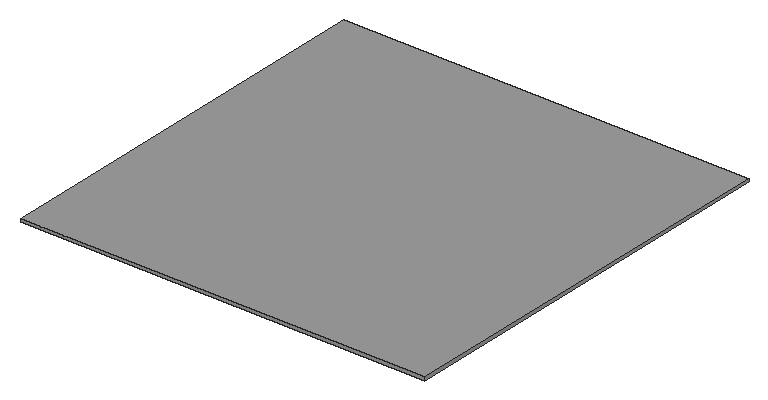
Revit family "WM-MN Suspended Ceiling 30mm Family", category Generic Models, host Ceiling, Revit 2017
Family settings
  Host = Ceiling
  Can host rebar = No
  Round Connector Dimension = Use Diameter
  Part Type = Normal
  Always vertical = Yes
  Cut with Voids When Loaded = No
  Shared = No
  Room Calculation Point = No
Parameters (values of type "Lambdaboard")
  Width = 4000 mm
  URL = "www.rigifoam.com"
  Type Comments = "duncan@rigifoam.com"
  Thermal Resistance = 1.2500 (m²·K)/W
  Thermal Conductivity = 0.0240 W/(m·K)
  Model = "WM/MN Suspended Ceiling 30mm"
  Material = Polyisocyanurate
  Manufacturer = "Lambdaboard"
  Length = 4000 mm
  Description = "Flexible PIR Insualtion"
  Depth = 30 mm
  Density = 40.0000 kg/m³
Reference planes
  plane 1 "Center (Front/Back)": y = 0
  plane 2: z = 0
  plane 3 "Center (Left/Right)": x = 0
  plane 4 "Ceiling": z = 4000
Forms (mm)
  Extrusion 1, solid, material "Polyisocyanurate" <- "Material"
    sketch origin (0, 0, 4000) x (0, 1, 0) y (-1, 0, 0)
      loop
        line (2000, 2000) -> (-2000, 2000) -> (-2000, -2000) -> (2000, -2000) -> (2000, 2000)
    from -30 to 0
Dimensions and locks
  equal spacing: host sketch curve, plane 3 "Center (Left/Right)", host sketch curve
  equal spacing: host sketch curve, plane 1 "Center (Front/Back)", host sketch curve
  host sketch curve to host sketch curve = 4000 mm  (x2)
  plane 4 "Ceiling" to host ceiling = 0 mm
  "Length": Extrusion 1 to Extrusion 1
  equal spacing: Extrusion 1, plane 3 "Center (Left/Right)", Extrusion 1
  "Width": Extrusion 1 to Extrusion 1
  "Depth": Extrusion 1 to Extrusion 1
Automatic sketch dimensions
  plane 1 "Center (Front/Back)" to Extrusion 1 sketch curve = 2000 mm
  Extrusion 1 sketch curve to plane 1 "Center (Front/Back)" = 2000 mm
  plane 3 "Center (Left/Right)" to Extrusion 1 sketch curve = 2000 mm
  Extrusion 1 sketch curve to plane 3 "Center (Left/Right)" = 2000 mm
